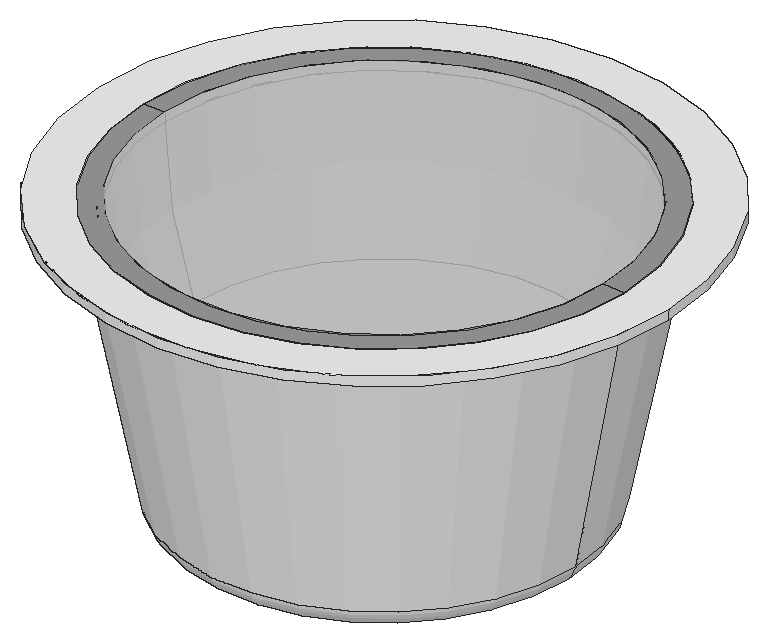
Revit family "2060556 Sylvania Lighting Fixture ASCENT 100 II ARCH 1900 4K STD EMG 160", category Lighting Fixtures, host Face, Revit 2016
Family settings
  Host = Face
  Part Type = Normal
  Round Connector Dimension = Use Diameter
  OmniClass Number = 23.80.70.11.17
  OmniClass Title = Specialized Lighting by Location or Use
  Cut with Voids When Loaded = No
  Light Source = Yes
  Shared = No
  Room Calculation Point = No
Parameters (values of type "2060556 ASCT100 II ARCH 1900 4K STD EMG 160 Emergency mode")
  WidthBezelAcc_SYL = 25.0 mm
  Weight = "1.92 kg"
  Wattage = 1.88119 W
  WarrantyStartDate [instance] = "n/a"
  WarrantyGuarantorParts = "n/a"
  WarrantyDurationUnit = "n/a"
  WarrantyDurationParts = "n/a"
  WarrantyDescription = "n/a"
  built-in parameter 1150110 = 1 (stored number, unit not read)
  Voltage = 0 V
  VisibilityAccessory_SYL = no
  TypeName = "ASCT100 II ARCH 1900 4K STD EMG 160 Emergency mode"
  built-in parameter 1114217 = 1 (stored number, unit not read)
  Tilt Angle = -90°
  built-in parameter 1150109 = 1 (stored number, unit not read)
  built-in parameter 1150134 = 12
  built-in parameter 1150113 = 1 (stored number, unit not read)
  SerialNumber [instance] = "n/a"
  ReflectorRadius_SYL = Radius_SYL - 14.5 mm  # 80.0 mm
  RadiusAcc_SYL = 105.0 mm
  Radius_SYL = 94.5 mm
  URL = "http://www.sylvania-lighting.com"
  PowerFactor = 0
  PowerConsumption = "19 W"
  Photometric Web File = "2060556EM.ies"
  NominalWidth = 0.0 mm
  NominalLength = 0.0 mm
  NominalHeight = 94.0 mm
  Name = "ASCT100 II ARCH 1900 4K STD EMG 160 Emergency mode"
  ModelReference = "ASCT100 II ARCH 1900 4K STD EMG 160 Emergency mode"
  ModelNumber = "2060556"
  Material_4_SYL = none
  Material_3_SYL = Polycarbonate_Sylvania_Ascent_Opal
  Material_2_SYL = Aluminium_Sylvania_Ascent_Silver
  Material_1_SYL = Aluminum_Sylvania_Ascent_White
  Material = "aluminium housing, arcylic diffuser"
  ManufacturerName = "Feilo Sylvania"
  LuminousEfficacy = "101 lm/W"
  built-in parameter 1150105 = 15.12 (stored number, unit not read)
  Lumens = 190 lm
  LuminaireType = ""
  built-in parameter 1150115 = 1 (stored number, unit not read)
  LightOutputRatio = "100"
  built-in parameter 1150137 = (empty or 0)
  built-in parameter 1150139 = (empty or 0)
  LampsType = Lamp  # "LED"
  LampNominalLuminous = "1921 lm"
  LampMacAdamStep = "3"
  LampColourTemperature = "4000 K"
  LampColourRenderingIndex = "80"
  built-in parameter 1150112 = 1 (stored number, unit not read)
  built-in parameter 1150114 = 1 (stored number, unit not read)
  Keynote = "16500"
  InstallationDate [instance] = "n/a"
  InputVoltage = "n/a"
  InputNominalFrequency = "n/a"
  built-in parameter 1150132 = (empty or 0)
  built-in parameter 1150102 = (empty or 0)
  built-in parameter 1150107 = 4000 (stored number, unit not read)
  built-in parameter 1150138 = (empty or 0)
  IngressProtection = "IP40"
  ImpactProtectionIndex = "IK02"
  built-in parameter 1150106 = 0.1512 (stored number, unit not read)
  IfcExportType = "IfcLightFixtureType"
  IfcExportAs = "IfcLightFixtureType"
  Height_SYL = 94.0 mm
  HeightAcc_SYL = 7.0 mm
  ExpectedLife = 50000
  EmittionSurface_SYL = if(VisibilityAccessory_SYL, 7.0 mm, 3.0 mm)  # 3.0 mm
  Emit from Circle Diameter = DiffuserRadius_SYL * 2  # 146.0 mm
  Emit Shape Visible in Rendering = no
  ElectricShockClassification = "Class II"
  built-in parameter 1150104 = 9.3832 (stored number, unit not read)
  DurationUnit = "hours"
  DocumentationLiterature = "http://www.sylvania-lighting.com/product/en-int/products/2060556"
  DimmingControlOptions = "n/a"
  Dimming Lamp Color Temperature Shift = <None>
  DiffuserRadius_SYL = ReflectorRadius_SYL - 7.0 mm  # 73.0 mm
  Diameter_SYL = 2 * Radius_SYL  # 189.0 mm
  CutoutDiameter_SYL = Diameter_SYL - 13.0 mm  # 176.0 mm
  CreatedOn = "9/17/2018"
  CreatedBy = "@sylvania-lighting.com"
  Color Filter = 16777215
  built-in parameter 1114216 [instance] = 1 (stored number, unit not read)
  Model = "ASCT100 II ARCH 1900 4K STD EMG 160 Emergency mode"
  Manufacturer = "Feilo Sylvania"
  Lamp = "LED"
  Description = "Direct LED retro fit for original LED 100 Arch (160) single CFL lamp offering Matching lumen levels and improved light distribution of original LED 100 CFL lamp equivalents Typically half the power consumption compared to CFL Up to 112lm/W 160mm aperture Architectural reflector accepts range of glass accessories from existing LED 100 Arch 160 offering HE, HO and VHO versions equivalent of single 1 x 18W, 1 x 32W, 1 x 42W\r\n Additional VVHO versions which offer the performance circa 2 x 32W equivalent"  # constant formula
  Default Elevation = 0.0 mm
  built-in parameter 1140040 [instance] = 1
  BarCode [instance] = "n/a"
  built-in parameter 1114218 = 1 (stored number, unit not read)
  built-in parameter 1150133 = 10 (stored number, unit not read)
  AssetType = "Fixed"
  AssetIdentifier [instance] = "n/a"
  Assembly Code = "D5020200"
  Apparent Load = 1.88119 VA
  Aperture_SYL = 2 * ReflectorRadius_SYL  # 160.0 mm
Types (2, lengths in mm): name | Wattage | TypeName | Photometric Web File | Name | ModelReference | built-in parameter 1150105 | Lumens | built-in parameter 1150106 | Model | Apparent Load
  2060556 ASCT100 II ARCH 1900 4K STD EMG 160 Emergency mode | 1.88119 W | "ASCT100 II ARCH 1900 4K STD EMG 160 Emergency mode" | "2060556EM.ies" | "ASCT100 II ARCH 1900 4K STD EMG 160 Emergency mode" | "ASCT100 II ARCH 1900 4K STD EMG 160 Emergency mode" | 15.12 (stored number, unit not read) | 190 lm | 0.1512 (stored number, unit not read) | "ASCT100 II ARCH 1900 4K STD EMG 160 Emergency mode" | 1.88119 VA
  2060556 ASCT100 II ARCH 1900 4K STD EMG 160 | 19 W | "ASCENT 100 II ARCH 1900 4K STD EMG 160" | "2060556.ies" | "ASCENT 100 II ARCH 1900 4K STD EMG 160" | "ASCENT 100 II ARCH 1900 4K STD EMG 160" | 152.71 (stored number, unit not read) | 1919 lm | 1.5271 (stored number, unit not read) | "ASCENT 100 II ARCH 1900 4K STD EMG 160" | 19 VA
Reference planes
  plane 1 "Center (Front/Back)": y = 0
  plane 2: z = 0
  plane 3 "Center (Left/Right)": x = 0
  plane 4 "Fixture Bottom": z = 3
  plane 5: z = -52.5
  plane 6 "Fixture Top": z = -91
  plane 7: x = -105
  plane 8: z = 7
  plane 9: x = -80
  plane 10: z = 5
  plane 11: x = -103
Forms (mm)
  Extrusion 1, solid, material "Aluminum_Sylvania_Ascent_White", detail levels fine
    sketch origin (0, 0, 0) x (1, 0, 0) y (0, 1, 0)
      loop
        circle (0, 0) r 94.5
      loop
        circle (0, 0) r 80
    from 0 to 3
  Extrusion 2, void
    sketch origin (0, 0, 0) x (1, 0, 0) y (0, 1, 0)
      loop
        circle (0, 0) r 88
    from -91 to 3
  Revolve 3, solid, material "Aluminum_Sylvania_Ascent_White" <- "Material_1_SYL", detail levels fine
    sketch origin (0, 0, 0) x (1, 0, 0) y (0, 0, 1)
      loop
        line (0, -91.073) -> (0, -89.023) -> (-55.468, -89.014)
        arc (-55.468, -89.014) -> (-59.352, -87.613) -> (-61.54, -84.139) r 6.307
        line (-61.54, -84.139) -> (-77.991, -2.844) -> (-77.991, 0) -> (-80, 0) -> (-80, -3) -> (-63.5, -84.536)
        arc (-63.5, -84.536) -> (-60.643, -89.203) -> (-55.5, -91.073) r 8.291
        line (-55.5, -91.073) -> (0, -91.073)
      axis (0, 0) -> (0, -91.073)
    angle from 0 to 360
  Revolve 4, solid, material "Aluminium_Sylvania_Ascent_Silver" <- "Material_2_SYL", detail levels fine
    sketch origin (0, 0, 0) x (1, 0, 0) y (0, 0, 1)
      loop
        line (-80, 3) -> (-80, 0) -> (-75, 0)
        arc (-75, 0) -> (-72.349, -26.77) -> (-64.5, -52.5) r 136.5
        line (-64.5, -52.5) -> (-58, -52.5)
        arc (-58, -52.5) -> (-56.857, -61.521) -> (-53.5, -69.971) r 36.166
        line (-53.5, -69.971) -> (0, -69.971) -> (0, -50.5) -> (-63.16, -50.5)
        arc (-63.16, -50.5) -> (-70.517, -25.725) -> (-73, 0) r 134.5
        line (-73, 0) -> (-73, 3) -> (-80, 3)
      axis (0, 3) -> (0, -69.971)
    angle from 0 to 360
  Extrusion 5, solid, material "Polycarbonate_Sylvania_Ascent_Opal" <- "Material_3_SYL", detail levels fine
    sketch origin (0, 0, 0) x (1, 0, 0) y (0, 1, 0)
      loop
        circle (0, 0) r 73
    from 0 to 3
  Revolve 6, solid, material "Aluminum_Sylvania_Ascent_White" <- "Material_1_SYL", detail levels coarse+medium
    sketch origin (0, 0, 0) x (1, 0, 0) y (0, 0, 1)
      loop
        line (0, -91.073) -> (0, 3) -> (-94.5, 3) -> (-94.5, 0) -> (-79.5, 0) -> (-79.5, -3) -> (-63, -84.536)
        arc (-63, -84.536) -> (-60.143, -89.203) -> (-55, -91.073) r 8.291
        line (-55, -91.073) -> (0, -91.073)
      axis (0, 3) -> (0, -91.073)
    angle from 0 to 360
  Revolve 7, solid, material "Aluminum_Sylvania_Ascent_White" <- "Material_1_SYL", visible <- "VisibilityAccessory_SYL"
    sketch origin (0, 0, 0) x (1, 0, 0) y (0, 0, 1)
      loop
        line (-105, 0) -> (-103, 0) -> (-103, 5) -> (-80, 5) -> (-80, 7) -> (-105, 7) -> (-105, 0)
      axis (0, 7) -> (0, 0)
    angle from 0 to 360
  Revolve 8, solid, material "Polycarbonate_Sylvania_Ascent_Opal" <- "Material_3_SYL", visible <- "VisibilityAccessory_SYL"
    sketch origin (0, 0, 0) x (1, 0, 0) y (0, 0, 1)
      loop
        line (-80, 7) -> (-80, 5) -> (0, 5) -> (0, 7) -> (-80, 7)
      axis (0, 7) -> (0, 5)
    angle from 0 to 360
Lines and regions (mm)
  reference lines
    curve 1: line (-150, 0, 3) -> (125, 0, 3)
Dimensions and locks
  locked: plane 4 "Fixture Bottom" to plane 2 at 3
  "Height_SYL": plane 4 "Fixture Bottom" to plane 6 "Fixture Top"
  "ReflectorRadius_SYL": plane 3 "Center (Left/Right)" to Revolve 4 sketch curve
  locked: Revolve 4 sketch curve to Revolve 4 sketch curve at 15.5
  locked: Revolve 4 sketch curve to Revolve 4 sketch curve at 5
  locked: Revolve 4 sketch curve to Revolve 4 sketch curve at 7
  locked: Revolve 4 sketch curve to Revolve 4 sketch curve at 22
  locked: Revolve 4 sketch curve to Revolve 4 sketch curve at 26.5
  locked: Revolve 3 sketch curve to Revolve 3 sketch curve at 16.5
  locked: Revolve 3 sketch curve to Revolve 3 sketch curve at 24.5
  "ReflectorRadius_SYL": Revolve 3 sketch curve to plane 3 "Center (Left/Right)"
  locked: Revolve 3 sketch curve to plane 6 "Fixture Top" at 6.464
  locked: plane 2 to Revolve 3 sketch curve at 3
  locked: Revolve 3 sketch curve to Revolve 3 sketch curve at 2
  locked: Revolve 3 sketch curve to Revolve 3 sketch curve at 2.009
  locked: plane 2 to plane 5 at 52.5
  locked: Revolve 6 sketch curve to Revolve 6 sketch curve at 31.5
  locked: Revolve 6 sketch curve to Revolve 6 sketch curve at 39.5
  locked: Revolve 6 sketch curve to Revolve 6 sketch curve at 15
  "Radius_SYL": plane 3 "Center (Left/Right)" to Revolve 6 sketch curve
  "RadiusAcc_SYL": plane 3 "Center (Left/Right)" to plane 7
  "HeightAcc_SYL": plane 8 to level
  "WidthBezelAcc_SYL": plane 7 to plane 9
  locked: plane 7 to plane 11 at 2
  locked: plane 8 to plane 10 at 2
  "EmittionSurface_SYL": curve 1 to level
  "CutoutDiameter_SYL": diameter of Extrusion 2 sketch curve
  "ReflectorRadius_SYL": radius of Extrusion 1 sketch curve
  "DiffuserRadius_SYL": radius of Extrusion 5 sketch curve
  "Radius_SYL": radius of Extrusion 1 sketch curve
  aligned and locked: host face to plane 2
  aligned and locked: host face to level
  aligned and locked: plane 4 "Fixture Bottom" to Extrusion 1
  aligned and locked: Extrusion 1 to plane 2
  aligned and locked: Revolve 3 sketch curve to plane 3 "Center (Left/Right)"
  aligned and locked: Revolve 4 sketch curve to plane 3 "Center (Left/Right)"  (x2)
  aligned and locked: plane 4 "Fixture Bottom" to Revolve 4 sketch curve
  aligned and locked: Extrusion 5 to plane 2
  aligned and locked: plane 2 to Revolve 3 sketch curve  (x2)
  aligned and locked: Revolve 6 sketch curve to plane 3 "Center (Left/Right)"
  aligned and locked: plane 6 "Fixture Top" to Extrusion 2
  aligned and locked: Revolve 7 sketch curve to plane 3 "Center (Left/Right)"
  aligned and locked: host face to Revolve 7 sketch curve  (x2)
  aligned and locked: Revolve 7 sketch curve to plane 7
  aligned and locked: plane 8 to Revolve 7 sketch curve
  aligned and locked: plane 9 to Revolve 7 sketch curve
  aligned and locked: Revolve 7 sketch curve to plane 10
  aligned and locked: plane 11 to Revolve 7 sketch curve
  aligned and locked: Revolve 7 to Revolve 8 sketch curve
  aligned and locked: Revolve 8 sketch curve to Revolve 7  (x2)
  aligned and locked: Revolve 8 sketch curve to plane 3 "Center (Left/Right)"  (x2)
  aligned and locked: plane 3 "Center (Left/Right)" to imposter light
  aligned and locked: imposter light to plane 1 "Center (Front/Back)"
  aligned and locked: imposter light to curve 1
Automatic sketch dimensions
  plane 1 "Center (Front/Back)" to Extrusion 2 sketch curve = 0.0 mm
  Extrusion 2 sketch curve to plane 3 "Center (Left/Right)" = 0.0 mm
  Extrusion 1 sketch curve to Extrusion 1 sketch curve = 0.0 mm  (x2)
  plane 1 "Center (Front/Back)" to Extrusion 1 sketch curve = 0.0 mm
  Extrusion 1 sketch curve to plane 3 "Center (Left/Right)" = 0.0 mm
  plane 6 "Fixture Top" to Revolve 3 sketch curve = 0.073 mm
  Revolve 3 sketch curve to plane 6 "Fixture Top" = 6.861 mm
  Revolve 3 sketch curve to Revolve 3 sketch curve = 0.003 mm
  Revolve 3 sketch curve to Revolve 3 sketch curve = 0.009 mm  (x2)
  Revolve 3 sketch curve to Revolve 3 sketch curve = 0.023 mm
  Revolve 3 sketch curve to Revolve 3 sketch curve = 0.072 mm
  Revolve 3 sketch curve to Revolve 3 sketch curve = 0.008 mm
  Revolve 3 sketch curve to plane 6 "Fixture Top" = 1.977 mm
  Revolve 3 sketch curve to Revolve 3 sketch curve = 33.496 mm
  Revolve 3 sketch curve to Revolve 3 sketch curve = 0.028 mm
  plane 4 "Fixture Bottom" to Revolve 3 sketch curve = 82.431 mm
  Revolve 4 sketch curve to Revolve 4 sketch curve = 0.0 mm  (x2)
  Revolve 4 sketch curve to plane 5 = 0.0 mm
  Revolve 4 sketch curve to level = 0.0 mm
  plane 5 to Revolve 4 sketch curve = 2.0 mm
  plane 4 "Fixture Bottom" to Revolve 4 sketch curve = 9.642 mm
  plane 1 "Center (Front/Back)" to Extrusion 5 sketch curve = 0.0 mm
  Extrusion 5 sketch curve to plane 3 "Center (Left/Right)" = 0.0 mm
  Revolve 4 sketch curve to level = 69.971 mm
  Revolve 4 sketch curve to Revolve 4 sketch curve = 2.387 mm
  Revolve 6 sketch curve to level = 0.0 mm
  Revolve 6 sketch curve to plane 3 "Center (Left/Right)" = 0.0 mm
  Revolve 6 sketch curve to Revolve 6 sketch curve = 8.104 mm
  Revolve 6 sketch curve to level = 3.0 mm
  Revolve 6 sketch curve to plane 6 "Fixture Top" = 6.464 mm
  plane 6 "Fixture Top" to Revolve 6 sketch curve = 0.073 mm
  Revolve 6 sketch curve to Revolve 6 sketch curve = 33.496 mm
  plane 4 "Fixture Bottom" to Revolve 6 sketch curve = 82.431 mm
  host sketch curve to host sketch curve = 1704.996 mm
  host sketch curve to host sketch curve = 1500.0 mm
  plane 6 "Fixture Top" to Revolve 7 sketch curve = 281.274 mm
  Revolve 7 sketch curve to plane 8 = 1140.706 mm
  plane 6 "Fixture Top" to Revolve 8 sketch curve = 281.274 mm
  Revolve 8 sketch curve to Revolve 8 sketch curve = 1140.706 mm
  Revolve 3 sketch curve to plane 3 "Center (Left/Right)" = 0.0 mm
  Revolve 6 sketch curve to plane 4 "Fixture Bottom" = 0.0 mm
  plane 7 to curve 1 = 45.0 mm
  plane 3 "Center (Left/Right)" to curve 1 = 125.0 mm
Connectors
  electrical at (0, 0, -91.073), driven by "Apparent Load"
    settings: on Revolve 3, index 1, voltage 240 V, apparent load 0 VA, apparent load phase1 1.88119 VA, apparent load phase2 0 VA, apparent load phase3 0 VA, power factor 1, load classification "Lighting", number of poles 1, system type 31, power factor state 1, is connector primary yes, connector utility no, sub classification motor no, connector description ""
